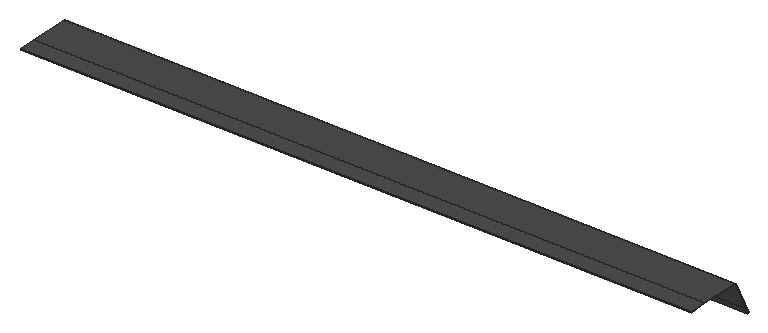
Revit family "BIMLIB_ПланкаКарнизнаяКапельник_GRANDLINE", category Обобщенные модели, Revit 2017
Family settings
  Может служить основой для арматурных стержней = Нет
  Размер круглого соединителя = Использовать диаметр
  Тип детали = Нормальный
  При загрузке вырезать с полостями = Нет
  Общий = Нет
  Точка расчета площади = Нет
Parameters (values of type "Планка карнизная, капельник 100х65")
  Смещение = 0 mm  # constant formula
  Описание = ADSK_Наименование  # "Планка карнизная, капельник 100х65"
  Кровля_Угол [instance] = 0.00°
  Изготовитель = [ADSK_Завод-изготовитель]  # "Grand Line"
  built-in parameter 1001306 [instance] = 1200 mm
  Watermark [instance] = "Модели защищены уникальным кодом"
  URL = "https://www.grandline.ru"
  BL_Разработано = "support@bimlib.pro"
  BL_Email = "info@grandline.ru"
  BL_BIM library = "https://bimlib.pro/manufacturer/company/22430"
  ADSK_Размер_Длина [instance] = [built-in parameter 1001306]  # 1200 mm
  ADSK_Обозначение = "ГОСТ 19904-90, ГОСТ 14918-80"
  ADSK_Наименование = "Планка карнизная, капельник 100х65"
  ADSK_Материал тип подсчета = 1  # constant formula
  ADSK_Материал = GL_Сталь_RAL9005
  ADSK_Масса_Текст [instance] = ""
  ADSK_Масса [instance] = 0
  ADSK_Марка = ""
  ADSK_Количество [instance] = if(ADSK_Материал тип подсчета = 0, 1, if(ADSK_Материал тип подсчета = 1, ADSK_Размер_Длина / 1000 mm, 0))  # 1.2
  ADSK_Код изделия = "М011-040"  # constant formula
  ADSK_Завод-изготовитель = "Grand Line"  # constant formula
  ADSK_Единица измерения = "м"  # constant formula
  ADSK_Группирование = "Доборные элементы"  # constant formula
  ADSK_Версия Revit = "2017"  # constant formula
  ADSK_URL страницы изделия = ""
  ADSK_URL документации изделия = ""
Reference planes
  plane 1 "По центру (Вперед/Назад)": y = 0
  plane 2: z = 0
  plane 3 "Слева": x = 0
  plane 4 "Справа": x = 1200
Forms (mm)
  Sweep 1, solid, material "GL_Сталь_RAL9005" <- "ADSK_Материал"
    path in 3D
      loop
        line (0, 0, 0) -> (1200, 0, 0)
    profile "Профиль_ПланкаКарнизная : Профиль_ПланкаКарнизная" origin (600, 0, 0) x (0, 1, 0) y (0, 0, 1)
      loop
        line (-69.49, 0.8) -> (-99.306, -1.809) -> (-99.306, -2.612) -> (-69.455, 0) -> (0, 0) -> (23.029, -49.385) -> (22.304, -49.723) -> (26.53, -58.786) -> (27.98, -58.11) -> (0.51, 0.8) -> (-69.49, 0.8)
Lines and regions (mm)
  reference lines
    curve 1: line (0, 0, 0) -> (1200, 0, 0)
  sketch lines
    curve 2: line (0, 0, 0) -> (1200, 0, 0)
Dimensions and locks
  "built-in parameter 1001306": plane 3 "Слева" to plane 4 "Справа"
  aligned and locked: plane 4 "Справа" to curve 1
  aligned and locked: plane 1 "По центру (Вперед/Назад)" to curve 1
  aligned and locked: plane 3 "Слева" to curve 1
  aligned and locked: level to plane 2
